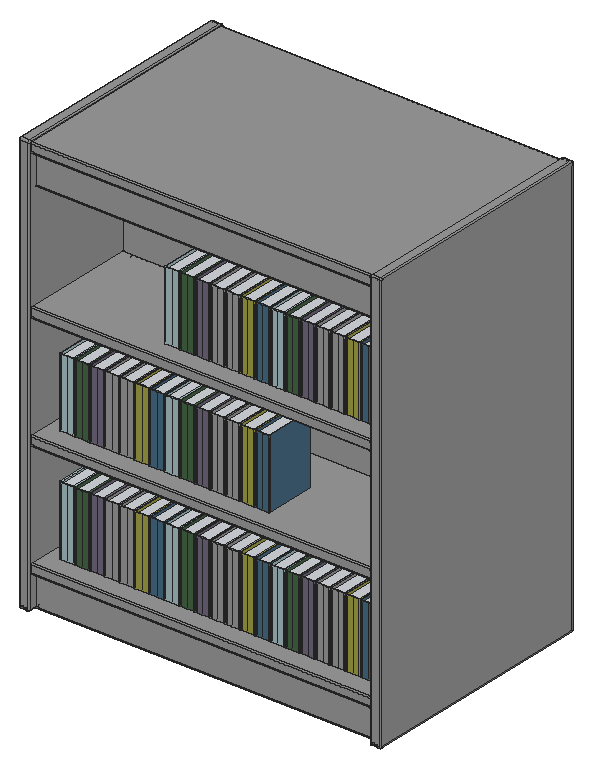
Revit family "Array 36x24x42", category Generic Models, Revit 2018
Family settings
  Can host rebar = No
  Round Connector Dimension = Use Diameter
  Part Type = Normal
  Work Plane-Based = No
  Always vertical = Yes
  Cut with Voids When Loaded = No
  Shared = No
  Room Calculation Point = No
Parameters
  Surface = Array Glider 36x24x42
Reference planes (in)
  plane 1 "Center (Front/Back)": y = 0
  plane 2: z = 0
  plane 3 "Center (Left/Right)": x = 0
Forms (in)
  Extrusion 1, solid, material "Array Glider 36x24x42" <- "Surface"
    sketch origin (0, 0, 0) x (0, 1, 0) y (0, 0, 1)
      loop
        line (11.875, 41.23662) -> (11.875, 42.00062)
        arc (11.875, 42.00062) -> (11.84044, 42.08405) -> (11.757, 42.11862) r 0.118
        line (11.757, 42.11862) -> (-11.757, 42.11862)
        arc (-11.757, 42.11862) -> (-11.84044, 42.08405) -> (-11.875, 42.00062) r 0.118
        line (-11.875, 42.00062) -> (-11.875, 41.23662)
        arc (-11.875, 41.23662) -> (-11.84044, 41.15318) -> (-11.757, 41.11862) r 0.118
        line (-11.757, 41.11862) -> (11.757, 41.11862)
        arc (11.757, 41.11862) -> (11.84044, 41.15318) -> (11.875, 41.23662) r 0.118
    from -17 to 17
  Extrusion 2, solid, material "Array Glider 36x24x42" <- "Surface"
    sketch origin (0, 0, -37.625) x (0, 1, 0) y (0, 0, 1)
      loop
        line (11.875, 41.23662) -> (11.875, 42.00062)
        arc (11.875, 42.00062) -> (11.84044, 42.08405) -> (11.757, 42.11862) r 0.118
        line (11.757, 42.11862) -> (-11.757, 42.11862)
        arc (-11.757, 42.11862) -> (-11.84044, 42.08405) -> (-11.875, 42.00062) r 0.118
        line (-11.875, 42.00062) -> (-11.875, 41.23662)
        arc (-11.875, 41.23662) -> (-11.84044, 41.15318) -> (-11.757, 41.11862) r 0.118
        line (-11.757, 41.11862) -> (11.757, 41.11862)
        arc (11.757, 41.11862) -> (11.84044, 41.15318) -> (11.875, 41.23662) r 0.118
    from -17 to 17
  Extrusion 3, solid, material "Array Glider 36x24x42" <- "Surface"
    sketch origin (0, 0, 0) x (0, 1, 0) y (0, 0, 1)
      loop
        line (-11.25, 41.11862) -> (-11.25, 37.98662)
        arc (-11.25, 37.98662) -> (-11.21544, 37.90318) -> (-11.132, 37.86862) r 0.118
        line (-11.132, 37.86862) -> (-10.368, 37.86862)
        arc (-10.368, 37.86862) -> (-10.28456, 37.90318) -> (-10.25, 37.98662) r 0.118
        line (-10.25, 37.98662) -> (-10.25, 41.11862) -> (-11.25, 41.11862)
    from -17 to 17
  Extrusion 4, solid, material "Array Glider 36x24x42" <- "Surface"
    sketch origin (0, 0, 0) x (0, -1, 0) y (0, 0, -1)
      loop
        line (-11.25, -41.11862) -> (-10.25, -41.11862) -> (-10.25, -37.98662)
        arc (-10.25, -37.98662) -> (-10.28456, -37.90318) -> (-10.368, -37.86862) r 0.118
        line (-10.368, -37.86862) -> (-11.132, -37.86862)
        arc (-11.132, -37.86862) -> (-11.21544, -37.90318) -> (-11.25, -37.98662) r 0.118
        line (-11.25, -37.98662) -> (-11.25, -41.11862)
    from -17 to 17
  Extrusion 5, solid, material "Array Glider 36x24x42" <- "Surface"
    sketch origin (0, 0, -37.625) x (0, 1, 0) y (0, 0, 1)
      loop
        line (-11.25, 41.11862) -> (-11.25, 37.98662)
        arc (-11.25, 37.98662) -> (-11.21544, 37.90318) -> (-11.132, 37.86862) r 0.118
        line (-11.132, 37.86862) -> (-10.368, 37.86862)
        arc (-10.368, 37.86862) -> (-10.28456, 37.90318) -> (-10.25, 37.98662) r 0.118
        line (-10.25, 37.98662) -> (-10.25, 41.11862) -> (-11.25, 41.11862)
    from -17 to 17
  Extrusion 6, solid, material "Array Glider 36x24x42" <- "Surface"
    sketch origin (0, 0, -37.625) x (0, -1, 0) y (0, 0, -1)
      loop
        line (-11.25, -41.11862) -> (-10.25, -41.11862) -> (-10.25, -37.98662)
        arc (-10.25, -37.98662) -> (-10.28456, -37.90318) -> (-10.368, -37.86862) r 0.118
        line (-10.368, -37.86862) -> (-11.132, -37.86862)
        arc (-11.132, -37.86862) -> (-11.21544, -37.90318) -> (-11.25, -37.98662) r 0.118
        line (-11.25, -37.98662) -> (-11.25, -41.11862)
    from -17 to 17
  Extrusion 7, solid, material "Array Glider 36x24x42" <- "Surface"
    sketch origin (0, 0, 0) x (0, 1, 0) y (0, 0, 1)
      loop
        line (0.375, 4.49362) -> (0.375, 41.11862) -> (-0.375, 41.11862) -> (-0.375, 4.49362) -> (0.375, 4.49362)
    from -17 to 17
  Extrusion 8, solid, material "Array Glider 36x24x42" <- "Surface"
    sketch origin (0, 0, -26.166) x (0, 1, 0) y (0, 0, 1)
      loop
        line (-0.375, 41.23662) -> (-0.375, 42.00062)
        arc (-0.375, 42.00062) -> (-0.40956, 42.08405) -> (-0.493, 42.11862) r 0.118
        line (-0.493, 42.11862) -> (-11.757, 42.11862)
        arc (-11.757, 42.11862) -> (-11.84044, 42.08405) -> (-11.875, 42.00062) r 0.118
        line (-11.875, 42.00062) -> (-11.875, 41.23662)
        arc (-11.875, 41.23662) -> (-11.84044, 41.15318) -> (-11.757, 41.11862) r 0.118
        line (-11.757, 41.11862) -> (-0.493, 41.11862)
        arc (-0.493, 41.11862) -> (-0.40956, 41.15318) -> (-0.375, 41.23662) r 0.118
    from -17 to 17
  Extrusion 9, solid, material "Array Glider 36x24x42" <- "Surface"
    sketch origin (0, 0, -26.166) x (0, -1, 0) y (0, 0, -1)
      loop
        arc (-0.375, -41.23662) -> (-0.40956, -41.15318) -> (-0.493, -41.11862) r 0.118
        line (-0.493, -41.11862) -> (-11.757, -41.11862)
        arc (-11.757, -41.11862) -> (-11.84044, -41.15318) -> (-11.875, -41.23662) r 0.118
        line (-11.875, -41.23662) -> (-11.875, -42.00062)
        arc (-11.875, -42.00062) -> (-11.84044, -42.08405) -> (-11.757, -42.11862) r 0.118
        line (-11.757, -42.11862) -> (-0.493, -42.11862)
        arc (-0.493, -42.11862) -> (-0.40956, -42.08405) -> (-0.375, -42.00062) r 0.118
        line (-0.375, -42.00062) -> (-0.375, -41.23662)
    from -17 to 17
  Sweep 10, solid, material "Array Glider 36x24x42" <- "Surface"
    path origin (0, 0, 0) x (0, 1, 0) y (0, 0, 1)
      loop
        arc (-11.86124, 42.12562) -> (-11.87592, 42.11954) -> (-11.882, 42.10486) r 0.02076
        line (-11.882, 42.10486) -> (-11.882, 0.38237)
        arc (-11.882, 0.38237) -> (-11.87592, 0.36769) -> (-11.86124, 0.36162) r 0.02076
        line (-11.86124, 0.36162) -> (11.86124, 0.36162)
        arc (11.86124, 0.36162) -> (11.87592, 0.36769) -> (11.882, 0.38237) r 0.02076
        line (11.882, 0.38237) -> (11.882, 42.10486)
        arc (11.882, 42.10486) -> (11.87592, 42.11954) -> (11.86124, 42.12562) r 0.02076
        line (11.86124, 42.12562) -> (-11.86124, 42.12562)
    profile origin (0, 0, 42.12562) x (0, 0, 1) y (1, 0, 0)
      loop
        line (0, -17) -> (0, -18)
        arc (0, -18) -> (0.08344, -17.96544) -> (0.118, -17.882) r 0.118
        line (0.118, -17.882) -> (0.118, -17.118)
        arc (0.118, -17.118) -> (0.08344, -17.03456) -> (0, -17) r 0.118
  Revolve 11, solid, material "Array Gliders"
    sketch origin (0, -9.56264, 0) x (1, 0, 0) y (0, 0, 1)
      loop
        line (-15.31312, 0) -> (-14.97741, 0)
        arc (-14.97741, 0) -> (-14.96813, 0.01343) -> (-14.9733, 0.02891) r 0.01826
        line (-14.9733, 0.02891) -> (-15.1255, 0.18112) -> (-15.18869, 0.18112) -> (-15.18869, 1.17538) -> (-15.31312, 1.17538) -> (-15.31312, 0)
      axis (-15.31312, 0) -> (-15.31312, 1.17538)
    angle from 0 to 360
  Extrusion 12, solid, material "Array Gliders"
    sketch origin (0, 0, 0) x (1, 0, 0) y (0, 1, 0)
      loop
        line (-13.9375, -10.25) -> (-16, -8.1875) -> (-16, -10.25) -> (-13.9375, -10.25)
    from 0.24362 to 0.30612
  Extrusion 13, solid, material "Array Glider 36x24x42" <- "Surface"
    sketch origin (0, 0, 0) x (1, 0, 0) y (0, 0, 1)
      loop
        line (-17, 3.49362) -> (-17, 0.24362) -> (-16, 0.24362) -> (-16, 3.49362) -> (-17, 3.49362)
    from -10.25 to 10.25
  Extrusion 14, solid, material "Array Glider 36x24x42" <- "Surface"
    sketch origin (0, 0, 0) x (-1, 0, 0) y (0, 0, -1)
      loop
        line (-17, -3.49362) -> (-16, -3.49362) -> (-16, -0.24362) -> (-17, -0.24362) -> (-17, -3.49362)
    from -10.25 to 10.25
  Extrusion 15, solid, material "Array Glider 36x24x42" <- "Surface"
    sketch origin (0, 0, 37.625) x (-1, 0, 0) y (0, 0, -1)
      loop
        line (-17, -3.49362) -> (-16, -3.49362) -> (-16, -0.36162)
        arc (-16, -0.36162) -> (-16.03456, -0.27818) -> (-16.118, -0.24362) r 0.118
        line (-16.118, -0.24362) -> (-16.882, -0.24362)
        arc (-16.882, -0.24362) -> (-16.96544, -0.27818) -> (-17, -0.36162) r 0.118
        line (-17, -0.36162) -> (-17, -3.49362)
    from -10.25 to 10.25
  Extrusion 16, solid, material "Array Glider 36x24x42" <- "Surface"
    sketch origin (0, 0, 37.625) x (1, 0, 0) y (0, 0, 1)
      loop
        line (-17, 3.49362) -> (-17, 0.36162)
        arc (-17, 0.36162) -> (-16.96544, 0.27818) -> (-16.882, 0.24362) r 0.118
        line (-16.882, 0.24362) -> (-16.118, 0.24362)
        arc (-16.118, 0.24362) -> (-16.03456, 0.27818) -> (-16, 0.36162) r 0.118
        line (-16, 0.36162) -> (-16, 3.49362) -> (-17, 3.49362)
    from -10.25 to 10.25
  Revolve 17, solid, material "Array Gliders"
    sketch origin (0, 9.56264, 0) x (1, 0, 0) y (0, 0, -1)
      loop
        line (-15.31312, 0) -> (-15.31312, -1.17538) -> (-15.18869, -1.17538) -> (-15.18869, -0.18112) -> (-15.1255, -0.18112) -> (-14.9733, -0.02891)
        arc (-14.9733, -0.02891) -> (-14.96813, -0.01343) -> (-14.97741, 0) r 0.01826
        line (-14.97741, 0) -> (-15.31312, 0)
      axis (-15.31312, 0) -> (-15.31312, -1.17538)
    angle from 0 to 360
  Extrusion 18, solid, material "Array Gliders"
    sketch origin (0, 0, 0) x (1, 0, 0) y (0, 1, 0)
      loop
        line (-13.9375, 10.25) -> (-16, 10.25) -> (-16, 8.1875) -> (-13.9375, 10.25)
    from 0.24362 to 0.30612
  Revolve 19, solid, material "Array Gliders"
    sketch origin (0, -9.56264, 0) x (-1, 0, 0) y (0, 0, -1)
      loop
        line (-15.31312, 0) -> (-15.31312, -1.17538) -> (-15.18869, -1.17538) -> (-15.18869, -0.18112) -> (-15.1255, -0.18112) -> (-14.9733, -0.02891)
        arc (-14.9733, -0.02891) -> (-14.96813, -0.01343) -> (-14.97741, 0) r 0.01826
        line (-14.97741, 0) -> (-15.31312, 0)
      axis (-15.31312, 0) -> (-15.31312, -1.17538)
    angle from 0 to 360
  Extrusion 20, solid, material "Array Gliders"
    sketch origin (0, 0, 0) x (-1, 0, 0) y (0, -1, 0)
      loop
        line (-13.9375, 10.25) -> (-16, 10.25) -> (-16, 8.1875) -> (-13.9375, 10.25)
    from 0.24362 to 0.30612
  Revolve 21, solid, material "Array Gliders"
    sketch origin (0, 9.56264, 0) x (-1, 0, 0) y (0, 0, 1)
      loop
        line (-15.31312, 0) -> (-14.97741, 0)
        arc (-14.97741, 0) -> (-14.96813, 0.01343) -> (-14.9733, 0.02891) r 0.01826
        line (-14.9733, 0.02891) -> (-15.1255, 0.18112) -> (-15.18869, 0.18112) -> (-15.18869, 1.17538) -> (-15.31312, 1.17538) -> (-15.31312, 0)
      axis (-15.31312, 0) -> (-15.31312, 1.17538)
    angle from 0 to 360
  Extrusion 22, solid, material "Array Gliders"
    sketch origin (0, 0, 0) x (-1, 0, 0) y (0, -1, 0)
      loop
        line (-13.9375, -10.25) -> (-16, -8.1875) -> (-16, -10.25) -> (-13.9375, -10.25)
    from 0.24362 to 0.30612
  Extrusion 23, solid, material "Array Glider 36x24x42" <- "Surface"
    sketch origin (0, 0, -14.708) x (0, 1, 0) y (0, 0, 1)
      loop
        line (-0.375, 41.23662) -> (-0.375, 42.00062)
        arc (-0.375, 42.00062) -> (-0.40956, 42.08405) -> (-0.493, 42.11862) r 0.118
        line (-0.493, 42.11862) -> (-11.757, 42.11862)
        arc (-11.757, 42.11862) -> (-11.84044, 42.08405) -> (-11.875, 42.00062) r 0.118
        line (-11.875, 42.00062) -> (-11.875, 41.23662)
        arc (-11.875, 41.23662) -> (-11.84044, 41.15318) -> (-11.757, 41.11862) r 0.118
        line (-11.757, 41.11862) -> (-0.493, 41.11862)
        arc (-0.493, 41.11862) -> (-0.40956, 41.15318) -> (-0.375, 41.23662) r 0.118
    from -17 to 17
  Extrusion 24, solid, material "Array Glider 36x24x42" <- "Surface"
    sketch origin (0, 0, -14.708) x (0, -1, 0) y (0, 0, -1)
      loop
        arc (-0.375, -41.23662) -> (-0.40956, -41.15318) -> (-0.493, -41.11862) r 0.118
        line (-0.493, -41.11862) -> (-11.757, -41.11862)
        arc (-11.757, -41.11862) -> (-11.84044, -41.15318) -> (-11.875, -41.23662) r 0.118
        line (-11.875, -41.23662) -> (-11.875, -42.00062)
        arc (-11.875, -42.00062) -> (-11.84044, -42.08405) -> (-11.757, -42.11862) r 0.118
        line (-11.757, -42.11862) -> (-0.493, -42.11862)
        arc (-0.493, -42.11862) -> (-0.40956, -42.08405) -> (-0.375, -42.00062) r 0.118
        line (-0.375, -42.00062) -> (-0.375, -41.23662)
    from -17 to 17
  Sweep 25, solid, material "Array Glider 36x24x42" <- "Surface"
    path origin (0, 0, 0) x (0, 1, 0) y (0, 0, -1)
      loop
        line (-11.86124, -42.12562) -> (11.86124, -42.12562)
        arc (11.86124, -42.12562) -> (11.87592, -42.11954) -> (11.882, -42.10486) r 0.02076
        line (11.882, -42.10486) -> (11.882, -0.38237)
        arc (11.882, -0.38237) -> (11.87592, -0.36769) -> (11.86124, -0.36162) r 0.02076
        line (11.86124, -0.36162) -> (-11.86124, -0.36162)
        arc (-11.86124, -0.36162) -> (-11.87592, -0.36769) -> (-11.882, -0.38237) r 0.02076
        line (-11.882, -0.38237) -> (-11.882, -42.10486)
        arc (-11.882, -42.10486) -> (-11.87592, -42.11954) -> (-11.86124, -42.12562) r 0.02076
    profile origin (0, 0, 42.12562) x (0, 0, -1) y (-1, 0, 0)
      loop
        arc (0, -17) -> (-0.08344, -17.03456) -> (-0.118, -17.118) r 0.118
        line (-0.118, -17.118) -> (-0.118, -17.882)
        arc (-0.118, -17.882) -> (-0.08344, -17.96544) -> (0, -18) r 0.118
        line (0, -18) -> (0, -17)
  Extrusion 26, solid, material "Array Glider 36x24x42" <- "Surface"
    sketch origin (0, 0, 0) x (0, 1, 0) y (0, 0, 1)
      loop
        line (11.86124, 42.12562) -> (-11.86124, 42.12562)
        arc (-11.86124, 42.12562) -> (-11.87592, 42.11954) -> (-11.882, 42.10486) r 0.02076
        line (-11.882, 42.10486) -> (-11.882, 0.38237)
        arc (-11.882, 0.38237) -> (-11.87592, 0.36769) -> (-11.86124, 0.36162) r 0.02076
        line (-11.86124, 0.36162) -> (11.86124, 0.36162)
        arc (11.86124, 0.36162) -> (11.87592, 0.36769) -> (11.882, 0.38237) r 0.02076
        line (11.882, 0.38237) -> (11.882, 42.10486)
        arc (11.882, 42.10486) -> (11.87592, 42.11954) -> (11.86124, 42.12562) r 0.02076
    from 17 to 18
  Extrusion 27, solid, material "Array Glider 36x24x42" <- "Surface"
    sketch origin (0, 0, 0) x (0, 1, 0) y (0, 0, -1)
      loop
        arc (11.86124, -42.12562) -> (11.87592, -42.11954) -> (11.882, -42.10486) r 0.02076
        line (11.882, -42.10486) -> (11.882, -0.38237)
        arc (11.882, -0.38237) -> (11.87592, -0.36769) -> (11.86124, -0.36162) r 0.02076
        line (11.86124, -0.36162) -> (-11.86124, -0.36162)
        arc (-11.86124, -0.36162) -> (-11.87592, -0.36769) -> (-11.882, -0.38237) r 0.02076
        line (-11.882, -0.38237) -> (-11.882, -42.10486)
        arc (-11.882, -42.10486) -> (-11.87592, -42.11954) -> (-11.86124, -42.12562) r 0.02076
        line (-11.86124, -42.12562) -> (11.86124, -42.12562)
    from 17 to 18
Dimensions and locks (in)
  aligned and locked: plane 2 to level
Nested families (in)
  nested 1: "Books" at (-15, -9.875, 4.49362), type "Books"
  nested 2: "Books" at (-4.5, -9.875, 4.49362), type "Books"
  nested 3: "Books" at (6, -9.875, 4.49362), type "Books"
  nested 4: "Books" at (-15, -9.875, 15.95262), type "Books"
  nested 5: "Books" at (-4.5, -9.875, 15.95262), type "Books"
  nested 6: "Books" at (-4.5, -9.875, 27.41062), type "Books"
  nested 7: "Books" at (6, -9.875, 27.41062), type "Books"
  nested 8: "Books" at (-15, 9.875, 4.49362), type "Books"
  nested 9: "Books" at (-4.5, 9.875, 4.49362), type "Books"
  nested 10: "Books" at (6, 9.875, 4.49362), type "Books"
  nested 11: "Books" at (-15, 9.875, 15.95262), type "Books"
  nested 12: "Books" at (-4.5, 9.875, 15.95262), type "Books"
  nested 13: "Books" at (-4.5, 9.875, 27.41062), type "Books"
  nested 14: "Books" at (6, 9.875, 27.41062), type "Books"
Definition of nested family "Books"
  Reference planes (in)
    plane 1 "Center (Front/Back)": y = 0
    plane 2: z = 0
    plane 3 "Center (Left/Right)": x = 0
    plane 4: z = 0.125
    plane 5: z = 10.875
    plane 6: z = 8.875
    plane 7: y = 1
    plane 8: y = 6
    plane 9: y = 5
    plane 10: z = 6.875
  Forms (in)
    Extrusion 1, solid
      sketch origin (0, 0, 0) x (1, 0, 0) y (0, 1, 0)
        loop
          line (-0.75, 5) -> (-0.75, 0.16705)
          arc (-0.75, 0.16705) -> (-0.70136, 0.11841) -> (-0.75, 0.06977) r 0.04864
          arc (-0.75, 0.06977) -> (-0.71934, 0.01698) -> (-0.66069, 0) r 0.082
          line (-0.66069, 0) -> (0, 0) -> (0.66069, 0)
          arc (0.66069, 0) -> (0.71934, 0.01698) -> (0.75, 0.06977) r 0.082
          arc (0.75, 0.06977) -> (0.70136, 0.11841) -> (0.75, 0.16705) r 0.04864
          line (0.75, 0.16705) -> (0.75, 5) -> (0.6254, 5) -> (0.6254, 0.12848)
          arc (0.6254, 0.12848) -> (0.6041, 0.08281) -> (0.55544, 0.06977) r 0.05961
          line (0.55544, 0.06977) -> (0, 0.06977) -> (-0.55544, 0.06977)
          arc (-0.55544, 0.06977) -> (-0.6041, 0.08281) -> (-0.6254, 0.12848) r 0.05961
          line (-0.6254, 0.12848) -> (-0.6254, 5) -> (-0.75, 5)
      from 0 to 6.875
    Extrusion 2, solid
      sketch origin (-4.75, -180, 0.125) x (-1, 0, 0) y (0, -1, 0)
        loop
          line (-4.1246, -184.88306) -> (-4.1246, -180.13971) -> (-5.3754, -180.13971) -> (-5.3754, -184.88306) -> (-4.1246, -184.88306)
      from 0 to 6.57025
    Extrusion 3, solid
      sketch origin (1.5, 0, 0) x (1, 0, 0) y (0, 1, 0)
        loop
          line (-0.75, 5) -> (-0.75, 0.16705)
          arc (-0.75, 0.16705) -> (-0.70136, 0.11841) -> (-0.75, 0.06977) r 0.04864
          arc (-0.75, 0.06977) -> (-0.71934, 0.01698) -> (-0.66069, 0) r 0.082
          line (-0.66069, 0) -> (0, 0) -> (0.66069, 0)
          arc (0.66069, 0) -> (0.71934, 0.01698) -> (0.75, 0.06977) r 0.082
          arc (0.75, 0.06977) -> (0.70136, 0.11841) -> (0.75, 0.16705) r 0.04864
          line (0.75, 0.16705) -> (0.75, 5) -> (0.6254, 5) -> (0.6254, 0.12848)
          arc (0.6254, 0.12848) -> (0.6041, 0.08281) -> (0.55544, 0.06977) r 0.05961
          line (0.55544, 0.06977) -> (0, 0.06977) -> (-0.55544, 0.06977)
          arc (-0.55544, 0.06977) -> (-0.6041, 0.08281) -> (-0.6254, 0.12848) r 0.05961
          line (-0.6254, 0.12848) -> (-0.6254, 5) -> (-0.75, 5)
      from 0 to 6.875
    Extrusion 4, solid
      sketch origin (-3.25, -180, 0.125) x (-1, 0, 0) y (0, -1, 0)
        loop
          line (-4.1246, -184.88306) -> (-4.1246, -180.13971) -> (-5.3754, -180.13971) -> (-5.3754, -184.88306) -> (-4.1246, -184.88306)
      from 0 to 6.57025
    Extrusion 5, solid
      sketch origin (3, 0, 0) x (1, 0, 0) y (0, 1, 0)
        loop
          line (-0.75, 5) -> (-0.75, 0.16705)
          arc (-0.75, 0.16705) -> (-0.70136, 0.11841) -> (-0.75, 0.06977) r 0.04864
          arc (-0.75, 0.06977) -> (-0.71934, 0.01698) -> (-0.66069, 0) r 0.082
          line (-0.66069, 0) -> (0, 0) -> (0.66069, 0)
          arc (0.66069, 0) -> (0.71934, 0.01698) -> (0.75, 0.06977) r 0.082
          arc (0.75, 0.06977) -> (0.70136, 0.11841) -> (0.75, 0.16705) r 0.04864
          line (0.75, 0.16705) -> (0.75, 5) -> (0.6254, 5) -> (0.6254, 0.12848)
          arc (0.6254, 0.12848) -> (0.6041, 0.08281) -> (0.55544, 0.06977) r 0.05961
          line (0.55544, 0.06977) -> (0, 0.06977) -> (-0.55544, 0.06977)
          arc (-0.55544, 0.06977) -> (-0.6041, 0.08281) -> (-0.6254, 0.12848) r 0.05961
          line (-0.6254, 0.12848) -> (-0.6254, 5) -> (-0.75, 5)
      from 0 to 6.875
    Extrusion 6, solid
      sketch origin (-1.75, -180, 0.125) x (-1, 0, 0) y (0, -1, 0)
        loop
          line (-4.1246, -184.88306) -> (-4.1246, -180.13971) -> (-5.3754, -180.13971) -> (-5.3754, -184.88306) -> (-4.1246, -184.88306)
      from 0 to 6.57025
    Extrusion 7, solid
      sketch origin (4.5, 0, 0) x (1, 0, 0) y (0, 1, 0)
        loop
          line (-0.75, 5) -> (-0.75, 0.16705)
          arc (-0.75, 0.16705) -> (-0.70136, 0.11841) -> (-0.75, 0.06977) r 0.04864
          arc (-0.75, 0.06977) -> (-0.71934, 0.01698) -> (-0.66069, 0) r 0.082
          line (-0.66069, 0) -> (0, 0) -> (0.66069, 0)
          arc (0.66069, 0) -> (0.71934, 0.01698) -> (0.75, 0.06977) r 0.082
          arc (0.75, 0.06977) -> (0.70136, 0.11841) -> (0.75, 0.16705) r 0.04864
          line (0.75, 0.16705) -> (0.75, 5) -> (0.6254, 5) -> (0.6254, 0.12848)
          arc (0.6254, 0.12848) -> (0.6041, 0.08281) -> (0.55544, 0.06977) r 0.05961
          line (0.55544, 0.06977) -> (0, 0.06977) -> (-0.55544, 0.06977)
          arc (-0.55544, 0.06977) -> (-0.6041, 0.08281) -> (-0.6254, 0.12848) r 0.05961
          line (-0.6254, 0.12848) -> (-0.6254, 5) -> (-0.75, 5)
      from 0 to 6.875
    Extrusion 8, solid
      sketch origin (-0.25, -180, 0.125) x (-1, 0, 0) y (0, -1, 0)
        loop
          line (-4.1246, -184.88306) -> (-4.1246, -180.13971) -> (-5.3754, -180.13971) -> (-5.3754, -184.88306) -> (-4.1246, -184.88306)
      from 0 to 6.57025
    Extrusion 9, solid
      sketch origin (6, 0, 0) x (1, 0, 0) y (0, 1, 0)
        loop
          line (-0.75, 5) -> (-0.75, 0.16705)
          arc (-0.75, 0.16705) -> (-0.70136, 0.11841) -> (-0.75, 0.06977) r 0.04864
          arc (-0.75, 0.06977) -> (-0.71934, 0.01698) -> (-0.66069, 0) r 0.082
          line (-0.66069, 0) -> (0, 0) -> (0.66069, 0)
          arc (0.66069, 0) -> (0.71934, 0.01698) -> (0.75, 0.06977) r 0.082
          arc (0.75, 0.06977) -> (0.70136, 0.11841) -> (0.75, 0.16705) r 0.04864
          line (0.75, 0.16705) -> (0.75, 5) -> (0.6254, 5) -> (0.6254, 0.12848)
          arc (0.6254, 0.12848) -> (0.6041, 0.08281) -> (0.55544, 0.06977) r 0.05961
          line (0.55544, 0.06977) -> (0, 0.06977) -> (-0.55544, 0.06977)
          arc (-0.55544, 0.06977) -> (-0.6041, 0.08281) -> (-0.6254, 0.12848) r 0.05961
          line (-0.6254, 0.12848) -> (-0.6254, 5) -> (-0.75, 5)
      from 0 to 6.875
    Extrusion 10, solid
      sketch origin (1.25, -180, 0.125) x (-1, 0, 0) y (0, -1, 0)
        loop
          line (-4.1246, -184.88306) -> (-4.1246, -180.13971) -> (-5.3754, -180.13971) -> (-5.3754, -184.88306) -> (-4.1246, -184.88306)
      from 0 to 6.57025
    Extrusion 11, solid
      sketch origin (7.5, 0, 0) x (1, 0, 0) y (0, 1, 0)
        loop
          line (-0.75, 5) -> (-0.75, 0.16705)
          arc (-0.75, 0.16705) -> (-0.70136, 0.11841) -> (-0.75, 0.06977) r 0.04864
          arc (-0.75, 0.06977) -> (-0.71934, 0.01698) -> (-0.66069, 0) r 0.082
          line (-0.66069, 0) -> (0, 0) -> (0.66069, 0)
          arc (0.66069, 0) -> (0.71934, 0.01698) -> (0.75, 0.06977) r 0.082
          arc (0.75, 0.06977) -> (0.70136, 0.11841) -> (0.75, 0.16705) r 0.04864
          line (0.75, 0.16705) -> (0.75, 5) -> (0.6254, 5) -> (0.6254, 0.12848)
          arc (0.6254, 0.12848) -> (0.6041, 0.08281) -> (0.55544, 0.06977) r 0.05961
          line (0.55544, 0.06977) -> (0, 0.06977) -> (-0.55544, 0.06977)
          arc (-0.55544, 0.06977) -> (-0.6041, 0.08281) -> (-0.6254, 0.12848) r 0.05961
          line (-0.6254, 0.12848) -> (-0.6254, 5) -> (-0.75, 5)
      from 0 to 6.875
    Extrusion 12, solid
      sketch origin (2.75, -180, 0.125) x (-1, 0, 0) y (0, -1, 0)
        loop
          line (-4.1246, -184.88306) -> (-4.1246, -180.13971) -> (-5.3754, -180.13971) -> (-5.3754, -184.88306) -> (-4.1246, -184.88306)
      from 0 to 6.57025
    Extrusion 13, solid
      sketch origin (9, 0, 0) x (1, 0, 0) y (0, 1, 0)
        loop
          line (-0.75, 5) -> (-0.75, 0.16705)
          arc (-0.75, 0.16705) -> (-0.70136, 0.11841) -> (-0.75, 0.06977) r 0.04864
          arc (-0.75, 0.06977) -> (-0.71934, 0.01698) -> (-0.66069, 0) r 0.082
          line (-0.66069, 0) -> (0, 0) -> (0.66069, 0)
          arc (0.66069, 0) -> (0.71934, 0.01698) -> (0.75, 0.06977) r 0.082
          arc (0.75, 0.06977) -> (0.70136, 0.11841) -> (0.75, 0.16705) r 0.04864
          line (0.75, 0.16705) -> (0.75, 5) -> (0.6254, 5) -> (0.6254, 0.12848)
          arc (0.6254, 0.12848) -> (0.6041, 0.08281) -> (0.55544, 0.06977) r 0.05961
          line (0.55544, 0.06977) -> (0, 0.06977) -> (-0.55544, 0.06977)
          arc (-0.55544, 0.06977) -> (-0.6041, 0.08281) -> (-0.6254, 0.12848) r 0.05961
          line (-0.6254, 0.12848) -> (-0.6254, 5) -> (-0.75, 5)
      from 0 to 6.875
    Extrusion 14, solid
      sketch origin (4.25, -180, 0.125) x (-1, 0, 0) y (0, -1, 0)
        loop
          line (-4.1246, -184.88306) -> (-4.1246, -180.13971) -> (-5.3754, -180.13971) -> (-5.3754, -184.88306) -> (-4.1246, -184.88306)
      from 0 to 6.57025
  Lines and regions (in)
    model lines
      curve 1: line (-0.3754, 4.88306, 6.69525) -> (-0.3754, 0.13971, 6.69525)
      curve 2: line (-0.1254, 4.88306, 6.69525) -> (-0.1254, 0.13971, 6.69525)
      curve 3: line (0.1246, 4.88306, 6.69525) -> (0.1246, 0.13971, 6.69525)
      curve 4: line (0.3746, 4.88306, 6.69525) -> (0.3746, 0.13971, 6.69525)
      curve 5: line (1.1246, 4.88306, 6.69525) -> (1.1246, 0.13971, 6.69525)
      curve 6: line (1.3746, 4.88306, 6.69525) -> (1.3746, 0.13971, 6.69525)
      curve 7: line (1.6246, 4.88306, 6.69525) -> (1.6246, 0.13971, 6.69525)
      curve 8: line (1.8746, 4.88306, 6.69525) -> (1.8746, 0.13971, 6.69525)
      curve 9: line (2.6246, 4.88306, 6.69525) -> (2.6246, 0.13971, 6.69525)
      curve 10: line (2.8746, 4.88306, 6.69525) -> (2.8746, 0.13971, 6.69525)
      curve 11: line (3.1246, 4.88306, 6.69525) -> (3.1246, 0.13971, 6.69525)
      curve 12: line (3.3746, 4.88306, 6.69525) -> (3.3746, 0.13971, 6.69525)
      curve 13: line (4.1246, 4.88306, 6.69525) -> (4.1246, 0.13971, 6.69525)
      curve 14: line (4.3746, 4.88306, 6.69525) -> (4.3746, 0.13971, 6.69525)
      curve 15: line (4.6246, 4.88306, 6.69525) -> (4.6246, 0.13971, 6.69525)
      curve 16: line (4.8746, 4.88306, 6.69525) -> (4.8746, 0.13971, 6.69525)
      curve 17: line (5.6246, 4.88306, 6.69525) -> (5.6246, 0.13971, 6.69525)
      curve 18: line (5.8746, 4.88306, 6.69525) -> (5.8746, 0.13971, 6.69525)
      curve 19: line (6.1246, 4.88306, 6.69525) -> (6.1246, 0.13971, 6.69525)
      curve 20: line (6.3746, 4.88306, 6.69525) -> (6.3746, 0.13971, 6.69525)
      curve 21: line (7.1246, 4.88306, 6.69525) -> (7.1246, 0.13971, 6.69525)
      curve 22: line (7.3746, 4.88306, 6.69525) -> (7.3746, 0.13971, 6.69525)
      curve 23: line (7.6246, 4.88306, 6.69525) -> (7.6246, 0.13971, 6.69525)
      curve 24: line (7.8746, 4.88306, 6.69525) -> (7.8746, 0.13971, 6.69525)
      curve 25: line (8.6246, 4.88306, 6.69525) -> (8.6246, 0.13971, 6.69525)
      curve 26: line (8.8746, 4.88306, 6.69525) -> (8.8746, 0.13971, 6.69525)
      curve 27: line (9.1246, 4.88306, 6.69525) -> (9.1246, 0.13971, 6.69525)
      curve 28: line (9.3746, 4.88306, 6.69525) -> (9.3746, 0.13971, 6.69525)
